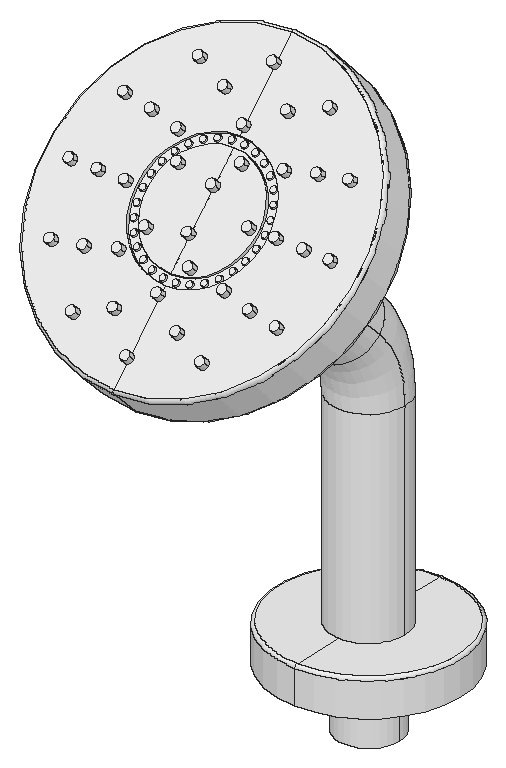
Revit family "Shower_Wall_Caroma_EcoComfort Aquasoft 105 Fixed", category Plumbing Fixtures, host Face, Revit 2014
Parameters (values of type "Standard")
  Waste Connection = no
  WELSRating_ANZRS = "WELS 3 star rated, 6L/min"  # constant formula
  Vent Connection = no
  URL = "http://specify.caroma.com.au/"
  Type Comments = "Caroma Ecco Aquasoft+ 105 Fixed Wall Shower"  # constant formula
  ModifiedIssue_ANZRS = 20160204.54  # constant formula
  Model = "91090C3A"
  Material_ANZRS = Metal-Chrome-Caroma
  Manufacturer = "Caroma"  # constant formula
  HW Connection = yes
  ConnectorDiameter = 20 mm
  Description = "TBC"  # constant formula
  Default Elevation = 1800 mm
  CreatedBy_ANZRS = "Design Content"  # constant formula
  CreatedByURL_ANZRS = "http://www.designcontent.com.au"
  CW Connection = yes
  Assembly Code = "D2010710"
Reference planes
  plane 1 "Center (Front/Back)": y = 0
  plane 2: z = 0
  plane 3 "Center (Left/Right)": x = 0
Forms (mm)
  Sweep 1, solid, material "Metal-Chrome-Caroma" <- "Material_ANZRS"
    path origin (0, 0, 0) x (0, 1, 0) y (0, 0, 1)
      loop
        line (-39.005, 115.92) -> (-19.144, 96.059)
        arc (-19.144, 96.059) -> (-13.941, 88.271) -> (-12.114, 79.086) r 24
        line (-12.114, 79.086) -> (-12.122, 12)
    profile origin (0, -12.118, 45.543) x (0, 1, -0.000116) y (1, 0, 0)
      loop
        circle (11.992, 0) r 12
  Revolve 2, solid, material "Metal-Chrome-Caroma" <- "Material_ANZRS"
    sketch origin (0, 0, 0) x (0, 1, 0) y (0, 0, 1)
      loop
        line (0, 0) -> (0, 12) -> (-29.115, 12)
        arc (-29.115, 12) -> (-29.821, 11.707) -> (-30.114, 11) r 1
        line (-30.114, 11) -> (-30.114, 0) -> (0, 0)
      axis (0, 12) -> (0, 0)
    angle from 0 to 360
  Revolve 3, solid, material "Metal-Chrome-Caroma" <- "Material_ANZRS"
    sketch origin (0, 0, 0) x (0, 1, 0) y (0, 0, 1)
      loop
        line (-22.461, 132.465) -> (-29.705, 139.637) -> (-31.202, 139.236) -> (-33.984, 141.913) -> (-35.105, 141.713) -> (-37.604, 144.213) -> (-37.69, 145.374) -> (-37.884, 146.521) -> (-34.643, 149.762)
        arc (-34.643, 149.762) -> (-34.398, 150.455) -> (-34.691, 151.129) r 1.002
        line (-34.691, 151.129) -> (-42.825, 159.264) -> (-54.101, 147.987) -> (-30.52, 124.406) -> (-22.461, 132.465)
      axis (-54.101, 147.987) -> (-30.52, 124.406)
    angle from 0 to 360
  Revolve 4, solid, material "Metal-Chrome-Caroma" <- "Material_ANZRS"
    sketch origin (0, 0, 0) x (0, 1, 0) y (0, 0, 1)
      loop
        line (-54.101, 147.987) -> (-42.833, 159.256) -> (-44.387, 160.81)
        arc (-44.387, 160.81) -> (-44.825, 161.82) -> (-44.457, 162.857) r 1.501
        line (-44.457, 162.857) -> (-32.537, 175.142) -> (-21.25, 187.372)
        arc (-21.25, 187.372) -> (-20.866, 188.415) -> (-21.304, 189.436) r 1.5
        line (-21.304, 189.436) -> (-29.837, 197.968)
        arc (-29.837, 197.968) -> (-30.64, 198.394) -> (-31.545, 198.295) r 1.549
        line (-31.545, 198.295) -> (-67.977, 161.863) -> (-54.101, 147.987)
      axis (-67.977, 161.863) -> (-54.101, 147.987)
    angle from 0 to 360
  Extrusion 5, void
    sketch origin (0, -68.529, 162.415) x (0, -0.707107, -0.707107) y (-1, 0, 0)
      loop
        circle (0, 0) r 21.62
      loop
        circle (0, 0) r 18.273
    from -0.439 to 1.489
  Extrusion 6, solid, material "Metal-Chrome-Caroma" <- "Material_ANZRS", detail levels fine
    sketch origin (0.156, -66.151, 162.688) x (0, 0.707107, 0.707107) y (-1, 0, 0)
      loop
        circle (19.16, 36.904) r 1.5
      loop
        circle (34.896, 21.375) r 1.5
      loop
        circle (-1.98, 42.85) r 1.5
      loop
        circle (-21.712, 27.151) r 1.5
      loop
        circle (-33.911, 10.384) r 1.5
      loop
        circle (17.637, 27.274) r 1.5
      loop
        circle (-1.914, 33.73) r 1.5
      loop
        circle (-1.997, 24.747) r 1.5
      loop
        circle (-19.207, 17.318) r 1.5
      loop
        circle (-26.352, 0.308) r 1.5
      loop
        circle (-33.899, -10.187) r 1.5
      loop
        circle (-44.441, 0.29) r 1.5
      loop
        circle (-38.741, 21.276) r 1.5
      loop
        circle (-38.833, -21.025) r 1.5
      loop
        circle (-21.697, -27.042) r 1.5
      loop
        circle (-19.309, -17.23) r 1.5
      loop
        circle (-1.747, -24.392) r 1.5
      loop
        circle (-1.887, -33.571) r 1.5
      loop
        circle (-2.004, -42.248) r 1.5
      loop
        circle (19.21, -36.758) r 1.5
      loop
        circle (17.682, -27.12) r 1.5
      loop
        circle (34.816, -21.28) r 1.5
      loop
        circle (15.348, -17.377) r 1.5
      loop
        circle (30.003, -10.253) r 1.5
      loop
        circle (40.502, 0.313) r 1.5
      loop
        circle (22.488, 0) r 1.5
      loop
        circle (29.97, 10.417) r 1.5
      loop
        circle (15.38, 17.388) r 1.5
      loop
        circle (-23.24, 37.077) r 1.5
      loop
        circle (-17.089, -4.803) r 1.5
      loop
        circle (-11.35, 12.798) r 1.5
      loop
        circle (-8.827, 0.313) r 1.5
      loop
        circle (-1.856, -15.553) r 1.5
      loop
        circle (5.09, 0.156) r 1.5
      loop
        circle (7.301, 12.798) r 1.5
      loop
        circle (12.968, -4.748) r 1.5
      loop
        circle (-23.279, -36.691) r 1.5
    from 0.708 to 2.797
  Extrusion 7, solid, material "Metal-Chrome-Caroma" <- "Material_ANZRS", detail levels fine
    sketch origin (0.156, -68.129, 164.666) x (0, 0.707107, 0.707107) y (-1, 0, 0)
      loop
        circle (18.064, 2.14) r 0.952
      loop
        circle (18.064, -2.027) r 0.952
      loop
        circle (17.182, 6.25) r 0.952
      loop
        circle (15.53, 10.035) r 0.952
      loop
        circle (13.032, 13.415) r 0.952
      loop
        circle (9.955, 16.22) r 0.952
      loop
        circle (6.322, 18.334) r 0.952
      loop
        circle (2.315, 19.61) r 0.952
      loop
        circle (-1.817, 20.046) r 0.952
      loop
        circle (-6.009, 19.605) r 0.952
      loop
        circle (-9.938, 18.329) r 0.952
      loop
        circle (-13.56, 16.221) r 0.952
      loop
        circle (-16.66, 13.458) r 0.952
      loop
        circle (-19.135, 10.052) r 0.952
      loop
        circle (-20.836, 6.267) r 0.952
      loop
        circle (-21.722, 2.172) r 0.952
      loop
        circle (-21.722, -2.042) r 0.952
      loop
        circle (-20.862, -6.103) r 0.952
      loop
        circle (-19.133, -9.942) r 0.952
      loop
        circle (-16.686, -13.323) r 0.952
      loop
        circle (-13.577, -16.108) r 0.952
      loop
        circle (-9.977, -18.207) r 0.952
      loop
        circle (-5.971, -19.509) r 0.952
      loop
        circle (-1.811, -19.944) r 0.952
      loop
        circle (2.307, -19.511) r 0.952
      loop
        circle (6.303, -18.213) r 0.952
      loop
        circle (9.958, -16.148) r 0.952
      loop
        circle (13.048, -13.33) r 0.952
      loop
        circle (15.475, -9.959) r 0.952
      loop
        circle (17.197, -6.119) r 0.952
    from -2.797 to -2.477
  Extrusion 8, solid, material "Metal-Chrome-Caroma" <- "Material_ANZRS"
    sketch origin (0, 0, 0) x (1, 0, 0) y (0, 1, 0)
      loop
        circle (0, 0) r 10
    from -20 to 0
Cuts and joins
  Extrusion 5 cuts Sweep 1
  joined: Sweep 1, Revolve 2, Revolve 3, Extrusion 8
  Extrusion 5 cuts Revolve 4
Lines and regions (mm)
  Masking region 1
    outline origin (0, 0, 0) x (1, 0, 0) y (0, 1, 0)
      loop
        arc (19.292, -23.123) -> (28.313, 10.26) -> (0, 30.114) r 30.114
        arc (0, 30.114) -> (-28.322, 10.234) -> (-19.249, -23.159) r 30.114
        spline (-19.249, -23.159) -> (-20.543, -23.56) -> (-21.82, -23.986) -> (-23.08, -24.437) -> (-24.321, -24.913) -> (-25.544, -25.413) -> (-26.747, -25.936) -> (-27.928, -26.483) -> (-29.088, -27.052) -> (-30.226, -27.644) -> (-31.339, -28.259) -> (-32.428, -28.894) -> (-33.492, -29.551)
        arc (-33.492, -29.551) -> (-39.41, -33.619) -> (-44.565, -38.619) r 42.81
        arc (-44.565, -38.619) -> (-53.138, -58.21) -> (-48.976, -79.186) r 35.699
        spline (-48.976, -79.186) -> (-47.109, -82.827) -> (-44.707, -86.308) -> (-41.795, -89.588) -> (-38.408, -92.632) -> (-34.583, -95.404) -> (-30.363, -97.873) -> (-25.797, -100.011) -> (-20.935, -101.795) -> (-15.833, -103.203) -> (-10.548, -104.221) -> (-5.141, -104.836) -> (0.329, -105.042)
        spline (0.329, -105.042) -> (5.749, -104.84) -> (11.11, -104.236) -> (16.351, -103.236) -> (21.414, -101.852) -> (26.243, -100.099) -> (30.784, -97.996) -> (34.987, -95.567) -> (38.806, -92.839) -> (42.197, -89.843) -> (45.124, -86.61) -> (47.554, -83.178) -> (49.459, -79.584)
        arc (49.459, -79.584) -> (52.585, -68.666) -> (52.543, -57.31) r 40.323
        arc (52.543, -57.31) -> (51.143, -49.828) -> (47.843, -42.969) r 28.987
        spline (47.843, -42.969) -> (46.43, -40.76) -> (44.811, -38.624) -> (42.993, -36.569) -> (40.985, -34.606) -> (38.794, -32.742) -> (36.432, -30.986) -> (33.908, -29.345) -> (31.235, -27.829) -> (28.423, -26.442) -> (25.487, -25.192) -> (22.439, -24.084) -> (19.292, -23.123)
  symbolic lines
    curve 1: arc (12, -0.122, 0) -> (0, 11.878, 0) -> (-12, -0.122, 0) r 12
    curve 2: line (-12, -0.122, 0) -> (-12, -21.826, 0)
    curve 3: line (12, -0.122, 0) -> (12, -21.841, 0)
    curve 4: arc (47.899, -42.931, 0) -> (35.427, -30.275, 0) -> (19.144, -23.159, 0) r 46.957
    curve 5: arc (-19.249, -23.159, 0) -> (-26.59, -25.866, 0) -> (-33.492, -29.551, 0) r 57.099
    curve 6: arc (-33.492, -29.551, 0) -> (-39.41, -33.619, 0) -> (-44.565, -38.619, 0) r 42.81
    curve 7: arc (-44.565, -38.619, 0) -> (-53.138, -58.21, 0) -> (-48.976, -79.186, 0) r 35.699
    curve 8: line (-48.976, -79.186, 0) -> (0.329, -105.042, 0)
    curve 9: line (0.329, -105.042, 0) -> (49.459, -79.584, 0)
    curve 10: arc (49.459, -79.584, 0) -> (52.585, -68.666, 0) -> (52.543, -57.31, 0) r 40.323
    curve 11: arc (52.543, -57.31, 0) -> (51.143, -49.828, 0) -> (47.843, -42.969, 0) r 28.987
    curve 12: arc (-19.249, -23.159, 0) -> (-0.053, -20.994, 0) -> (19.144, -23.159, 0) r 86.211
    curve 13: line (-30, 0, 12) -> (-12.032, 0, 12)
    curve 14: line (-30, 0, 0) -> (-30, 0, 12)
    curve 15: line (30.171, 0, 12) -> (30.171, 0, 0)
    curve 16: line (-12.032, 0, 115.84) -> (-12.032, 0, 12)
    curve 17: line (12.252, 0, 115.878) -> (12.252, 0, 12)
    curve 18: line (12.252, 0, 12) -> (30.171, 0, 12)
    curve 19: spline (0, -31.545, 0) -> (13.335, -32.786, 0) -> (25.762, -36.426, 0) -> (36.433, -42.216, 0) -> (44.621, -49.761, 0) -> (49.768, -58.548, 0) -> (51.523, -67.977, 0) -> (49.768, -77.407, 0) -> (44.621, -86.194, 0) -> (36.433, -93.739, 0) -> (25.762, -99.529, 0) -> (13.335, -103.168, 0) -> (0, -104.41, 0)
    curve 20: spline (0, -104.41, 0) -> (-13.335, -103.168, 0) -> (-25.762, -99.529, 0) -> (-36.433, -93.739, 0) -> (-44.621, -86.194, 0) -> (-49.768, -77.407, 0) -> (-51.523, -67.977, 0) -> (-49.768, -58.548, 0) -> (-44.621, -49.761, 0) -> (-36.433, -42.216, 0) -> (-25.762, -36.426, 0) -> (-13.335, -32.786, 0) -> (0, -31.545, 0)
    curve 21: arc (-19.249, -23.159, 0) -> (-28.322, 10.234, 0) -> (0, 30.114, 0) r 30.114
    curve 22: arc (0, 30.114, 0) -> (28.327, 10.22, 0) -> (19.227, -23.178, 0) r 30.114
    curve 23: spline (-12.032, 0, 115.84) -> (-14.026, 0, 116.212) -> (-15.997, 0, 116.64) -> (-17.942, 0, 117.125) -> (-19.857, 0, 117.664) -> (-21.741, 0, 118.258) -> (-23.589, 0, 118.905) -> (-25.398, 0, 119.605) -> (-27.166, 0, 120.355) -> (-28.89, 0, 121.155) -> (-30.566, 0, 122.004) -> (-32.193, 0, 122.9) -> (-33.768, 0, 123.842)
    curve 24: spline (34.427, 0, 124.26) -> (32.834, 0, 123.274) -> (31.184, 0, 122.336) -> (29.481, 0, 121.446) -> (27.728, 0, 120.608) -> (25.926, 0, 119.822) -> (24.08, 0, 119.089) -> (22.193, 0, 118.41) -> (20.268, 0, 117.788) -> (18.307, 0, 117.223) -> (16.316, 0, 116.715) -> (14.296, 0, 116.267) -> (12.252, 0, 115.878)
    curve 25: spline (-21.617, -67.727, 0) -> (-20.805, -63.819, 0) -> (-18.604, -60.189, 0) -> (-15.162, -57.079, 0) -> (-10.707, -54.696, 0) -> (-5.539, -53.2, 0) -> (0, -52.69, 0) -> (5.539, -53.2, 0) -> (10.707, -54.696, 0) -> (15.162, -57.079, 0) -> (18.604, -60.189, 0) -> (20.805, -63.819, 0) -> (21.617, -67.727, 0)
    curve 26: spline (-21.617, -67.727, 0) -> (-20.805, -71.634, 0) -> (-18.604, -75.264, 0) -> (-15.162, -78.374, 0) -> (-10.707, -80.757, 0) -> (-5.539, -82.254, 0) -> (0, -82.764, 0) -> (5.539, -82.254, 0) -> (10.707, -80.757, 0) -> (15.162, -78.374, 0) -> (18.604, -75.264, 0) -> (20.805, -71.634, 0) -> (21.617, -67.727, 0)
    curve 27: spline (0, -55.056, 0) -> (-4.729, -55.497, 0) -> (-9.137, -56.787, 0) -> (-12.921, -58.841, 0) -> (-15.825, -61.517, 0) -> (-17.65, -64.633, 0) -> (-18.273, -67.977, 0) -> (-17.65, -71.321, 0) -> (-15.825, -74.438, 0) -> (-12.921, -77.114, 0) -> (-9.137, -79.167, 0) -> (-4.729, -80.458, 0) -> (0, -80.898, 0)
    curve 28: spline (0, -80.898, 0) -> (4.729, -80.458, 0) -> (9.137, -79.167, 0) -> (12.921, -77.114, 0) -> (15.825, -74.438, 0) -> (17.65, -71.321, 0) -> (18.273, -67.977, 0) -> (17.65, -64.633, 0) -> (15.825, -61.517, 0) -> (12.921, -58.841, 0) -> (9.137, -56.787, 0) -> (4.729, -55.497, 0) -> (0, -55.056, 0)
    curve 29: spline (0, 0, 198.295) -> (2.977, 0, 198.235) -> (5.944, 0, 198.052) -> (8.891, 0, 197.749) -> (11.809, 0, 197.326) -> (14.687, 0, 196.784) -> (17.516, 0, 196.126) -> (20.286, 0, 195.353) -> (22.989, 0, 194.468) -> (25.614, 0, 193.474) -> (28.155, 0, 192.375) -> (30.601, 0, 191.174) -> (32.945, 0, 189.875)
    curve 30: spline (-35.323, 0, 188.386) -> (-32.893, 0, 189.905) -> (-30.333, 0, 191.312) -> (-27.653, 0, 192.603) -> (-24.864, 0, 193.773) -> (-21.976, 0, 194.815) -> (-19.001, 0, 195.728) -> (-15.95, 0, 196.506) -> (-12.837, 0, 197.147) -> (-9.672, 0, 197.648) -> (-6.47, 0, 198.007) -> (-3.241, 0, 198.223) -> (0, 0, 198.295)
    curve 31: arc (32.945, 0, 189.875) -> (53.255, 0, 157.509) -> (34.427, 0, 124.26) r 37.295
    curve 32: arc (-35.323, 0, 188.386) -> (-53.498, 0, 155.657) -> (-33.768, 0, 123.842) r 36.963
    curve 33: line (30.171, 0, 0) -> (-30, 0, 0)
Dimensions and locks
  aligned and locked: plane 2 to host face
  aligned and locked: level to host face
Connectors
  piping at (0, 0, -20), diameter 20, driven by "ConnectorDiameter"
    settings: on Extrusion 8, index 1, connector inside diameter 609.6 mm, connector length 0 mm, flow factor 0, pipe flow 0.0 L/s, pressure drop 0.0 Pa, fitting loss kfactor 0, connector angle 0.00°, fixture units 0, engagement length 0 mm, angle of deflection 0.00°, flow configuration 3, flow direction 1, fitting loss method 0, system type 19, joint type 0, gender type 0, connector reference index -1, connector utility 0, adjustable connector no, is connector primary yes, connector description "Hot Inlet"
